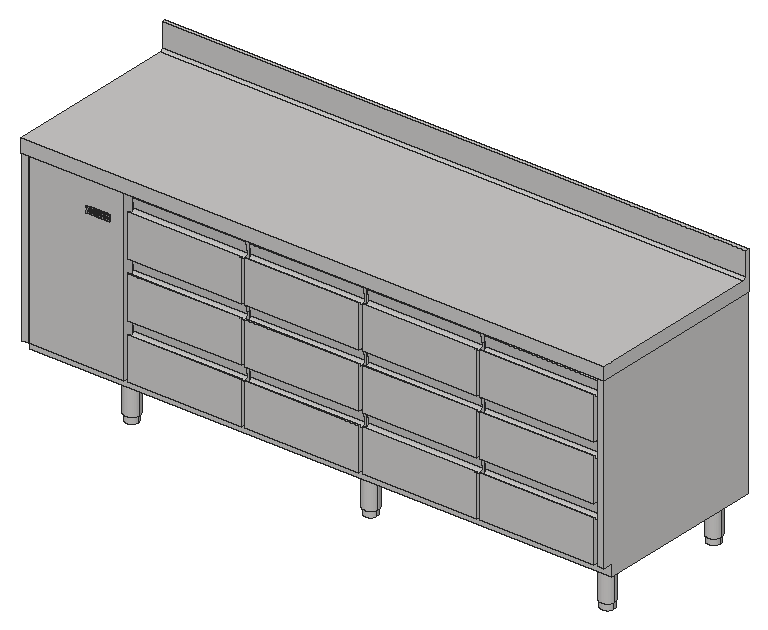
Revit family "QF_ZANUSSI_111066_ZH4H3CCCC", category Specialty Equipment, Revit 2018 (continued)
Definition of nested family "ZAN_Cooling Unit"
  Lines and regions (mm)
    Split face 124
      outline origin (55.016, 2, -233.126) x (0, 0, 1) y (-1, 0, 0)
        loop
          line (510.649, 116.535) -> (510.649, 158.547)
    Split face 125
      outline origin (55.016, 2, -245.129) x (0, 0, 1) y (-1, 0, 0)
        loop
          arc (510.649, 158.547) -> (506.648, 162.548) -> (502.647, 158.547) r 4.001
          line (502.647, 158.547) -> (502.647, 116.535)
          arc (502.647, 116.535) -> (506.648, 112.533) -> (510.649, 116.535) r 4.001
          line (510.649, 116.535) -> (510.649, 158.547)
    Split face 126
      outline origin (55.016, 2, -257.133) x (0, 0, 1) y (-1, 0, 0)
        loop
          arc (510.649, 158.547) -> (506.648, 162.548) -> (502.647, 158.547) r 4.001
          line (502.647, 158.547) -> (502.647, 116.535)
          arc (502.647, 116.535) -> (506.648, 112.533) -> (510.649, 116.535) r 4.001
          line (510.649, 116.535) -> (510.649, 158.547)
    Split face 127
      outline origin (55.016, 2, -269.136) x (0, 0, 1) y (-1, 0, 0)
        loop
          arc (510.649, 158.547) -> (506.648, 162.548) -> (502.647, 158.547) r 4.001
          line (502.647, 158.547) -> (502.647, 116.535)
          arc (502.647, 116.535) -> (506.648, 112.533) -> (510.649, 116.535) r 4.001
          line (510.649, 116.535) -> (510.649, 158.547)
    Split face 128
      outline origin (55.016, 2, -281.14) x (0, 0, 1) y (-1, 0, 0)
        loop
          arc (510.649, 158.547) -> (506.648, 162.548) -> (502.647, 158.547) r 4.001
          line (502.647, 158.547) -> (502.647, 116.535)
          arc (502.647, 116.535) -> (506.648, 112.533) -> (510.649, 116.535) r 4.001
          line (510.649, 116.535) -> (510.649, 158.547)
    Split face 129
      outline origin (55.016, 2, -293.144) x (0, 0, 1) y (-1, 0, 0)
        loop
          arc (510.649, 158.547) -> (506.648, 162.548) -> (502.647, 158.547) r 4.001
          line (502.647, 158.547) -> (502.647, 116.535)
          arc (502.647, 116.535) -> (506.648, 112.533) -> (510.649, 116.535) r 4.001
          line (510.649, 116.535) -> (510.649, 158.547)
    Split face 130
      outline origin (110.032, 2, -113.091) x (0, 0, 1) y (-1, 0, 0)
        loop
          arc (510.649, 158.547) -> (506.648, 162.548) -> (502.647, 158.547) r 4.001
          line (502.647, 158.547) -> (502.647, 116.535)
          arc (502.647, 116.535) -> (506.648, 112.533) -> (510.649, 116.535) r 4.001
          line (510.649, 116.535) -> (510.649, 158.547)
    Split face 131
      outline origin (110.032, 2, -125.094) x (0, 0, 1) y (-1, 0, 0)
        loop
          arc (510.649, 158.547) -> (506.648, 162.548) -> (502.647, 158.547) r 4.001
          line (502.647, 158.547) -> (502.647, 116.535)
          arc (502.647, 116.535) -> (506.648, 112.533) -> (510.649, 116.535) r 4.001
          line (510.649, 116.535) -> (510.649, 158.547)
    Split face 132
      outline origin (110.032, 2, -137.098) x (0, 0, 1) y (-1, 0, 0)
        loop
          arc (510.649, 158.547) -> (506.648, 162.548) -> (502.647, 158.547) r 4.001
          line (502.647, 158.547) -> (502.647, 116.535)
          arc (502.647, 116.535) -> (506.648, 112.533) -> (510.649, 116.535) r 4.001
          line (510.649, 116.535) -> (510.649, 158.547)
    Split face 133
      outline origin (110.032, 2, -149.101) x (0, 0, 1) y (-1, 0, 0)
        loop
          arc (510.649, 158.547) -> (506.648, 162.548) -> (502.647, 158.547) r 4.001
          line (502.647, 158.547) -> (502.647, 116.535)
          arc (502.647, 116.535) -> (506.648, 112.533) -> (510.649, 116.535) r 4.001
          line (510.649, 116.535) -> (510.649, 158.547)
    Split face 134
      outline origin (110.032, 2, -161.105) x (0, 0, 1) y (-1, 0, 0)
        loop
          arc (510.649, 158.547) -> (506.648, 162.548) -> (502.647, 158.547) r 4.001
          line (502.647, 158.547) -> (502.647, 116.535)
          arc (502.647, 116.535) -> (506.648, 112.533) -> (510.649, 116.535) r 4.001
          line (510.649, 116.535) -> (510.649, 158.547)
    Split face 135
      outline origin (110.032, 2, -173.108) x (0, 0, 1) y (-1, 0, 0)
        loop
          arc (510.649, 158.547) -> (506.648, 162.548) -> (502.647, 158.547) r 4.001
          line (502.647, 158.547) -> (502.647, 116.535)
          arc (502.647, 116.535) -> (506.648, 112.533) -> (510.649, 116.535) r 4.001
          line (510.649, 116.535) -> (510.649, 158.547)
    Split face 136
      outline origin (110.032, 2, -185.112) x (0, 0, 1) y (-1, 0, 0)
        loop
          arc (510.649, 158.547) -> (506.648, 162.548) -> (502.647, 158.547) r 4.001
          line (502.647, 158.547) -> (502.647, 116.535)
          arc (502.647, 116.535) -> (506.648, 112.533) -> (510.649, 116.535) r 4.001
          line (510.649, 116.535) -> (510.649, 158.547)
    Split face 137
      outline origin (110.032, 2, -197.115) x (0, 0, 1) y (-1, 0, 0)
        loop
          arc (510.649, 158.547) -> (506.648, 162.548) -> (502.647, 158.547) r 4.001
          line (502.647, 158.547) -> (502.647, 116.535)
          arc (502.647, 116.535) -> (506.648, 112.533) -> (510.649, 116.535) r 4.001
          line (510.649, 116.535) -> (510.649, 158.547)
    Split face 138
      outline origin (110.032, 2, -209.119) x (0, 0, 1) y (-1, 0, 0)
        loop
          arc (510.649, 158.547) -> (506.648, 162.548) -> (502.647, 158.547) r 4.001
          line (502.647, 158.547) -> (502.647, 116.535)
          arc (502.647, 116.535) -> (506.648, 112.533) -> (510.649, 116.535) r 4.001
          line (510.649, 116.535) -> (510.649, 158.547)
    Split face 139
      outline origin (110.032, 2, -221.122) x (0, 0, 1) y (-1, 0, 0)
        loop
          arc (510.649, 158.547) -> (506.648, 162.548) -> (502.647, 158.547) r 4.001
          line (502.647, 158.547) -> (502.647, 116.535)
          arc (502.647, 116.535) -> (506.648, 112.533) -> (510.649, 116.535) r 4.001
          line (510.649, 116.535) -> (510.649, 158.547)
    Split face 140
      outline origin (110.032, 2, -233.126) x (0, 0, 1) y (-1, 0, 0)
        loop
          arc (510.649, 158.547) -> (506.648, 162.548) -> (502.647, 158.547) r 4.001
          line (502.647, 158.547) -> (502.647, 116.535)
          arc (502.647, 116.535) -> (506.648, 112.533) -> (510.649, 116.535) r 4.001
          line (510.649, 116.535) -> (510.649, 158.547)
    Split face 141
      outline origin (110.032, 2, -245.129) x (0, 0, 1) y (-1, 0, 0)
        loop
          arc (510.649, 158.547) -> (506.648, 162.548) -> (502.647, 158.547) r 4.001
          line (502.647, 158.547) -> (502.647, 116.535)
          arc (502.647, 116.535) -> (506.648, 112.533) -> (510.649, 116.535) r 4.001
          line (510.649, 116.535) -> (510.649, 158.547)
    Split face 142
      outline origin (110.032, 2, -257.133) x (0, 0, 1) y (-1, 0, 0)
        loop
          arc (510.649, 158.547) -> (506.648, 162.548) -> (502.647, 158.547) r 4.001
          line (502.647, 158.547) -> (502.647, 116.535)
          arc (502.647, 116.535) -> (506.648, 112.533) -> (510.649, 116.535) r 4.001
          line (510.649, 116.535) -> (510.649, 158.547)
    Split face 143
      outline origin (110.032, 2, -269.136) x (0, 0, 1) y (-1, 0, 0)
        loop
          arc (510.649, 158.547) -> (506.648, 162.548) -> (502.647, 158.547) r 4.001
          line (502.647, 158.547) -> (502.647, 116.535)
          arc (502.647, 116.535) -> (506.648, 112.533) -> (510.649, 116.535) r 4.001
          line (510.649, 116.535) -> (510.649, 158.547)
    Split face 144
      outline origin (110.032, 2, -281.14) x (0, 0, 1) y (-1, 0, 0)
        loop
          arc (510.649, 158.547) -> (506.648, 162.548) -> (502.647, 158.547) r 4.001
          line (502.647, 158.547) -> (502.647, 116.535)
          arc (502.647, 116.535) -> (506.648, 112.533) -> (510.649, 116.535) r 4.001
          line (510.649, 116.535) -> (510.649, 158.547)
    Split face 145
      outline origin (110.032, 2, -293.144) x (0, 0, 1) y (-1, 0, 0)
        loop
          arc (510.649, 158.547) -> (506.648, 162.548) -> (502.647, 158.547) r 4.001
          line (502.647, 158.547) -> (502.647, 116.535)
          arc (502.647, 116.535) -> (506.648, 112.533) -> (510.649, 116.535) r 4.001
          line (510.649, 116.535) -> (510.649, 158.547)
    Split face 146
      outline origin (165.048, 2, -113.091) x (0, 0, 1) y (-1, 0, 0)
        loop
          arc (510.649, 158.547) -> (506.648, 162.548) -> (502.647, 158.547) r 4.001
          line (502.647, 158.547) -> (502.647, 116.535)
          arc (502.647, 116.535) -> (506.648, 112.533) -> (510.649, 116.535) r 4.001
          line (510.649, 116.535) -> (510.649, 158.547)
    Split face 147
      outline origin (165.048, 2, -125.094) x (0, 0, 1) y (-1, 0, 0)
        loop
          arc (510.649, 158.547) -> (506.648, 162.548) -> (502.647, 158.547) r 4.001
          line (502.647, 158.547) -> (502.647, 116.535)
          arc (502.647, 116.535) -> (506.648, 112.533) -> (510.649, 116.535) r 4.001
          line (510.649, 116.535) -> (510.649, 158.547)
    Split face 148
      outline origin (165.048, 2, -137.098) x (0, 0, 1) y (-1, 0, 0)
        loop
          arc (510.649, 158.547) -> (506.648, 162.548) -> (502.647, 158.547) r 4.001
          line (502.647, 158.547) -> (502.647, 116.535)
          arc (502.647, 116.535) -> (506.648, 112.533) -> (510.649, 116.535) r 4.001
          line (510.649, 116.535) -> (510.649, 158.547)
    Split face 149
      outline origin (165.048, 2, -149.101) x (0, 0, 1) y (-1, 0, 0)
        loop
          arc (510.649, 158.547) -> (506.648, 162.548) -> (502.647, 158.547) r 4.001
          line (502.647, 158.547) -> (502.647, 116.535)
          arc (502.647, 116.535) -> (506.648, 112.533) -> (510.649, 116.535) r 4.001
          line (510.649, 116.535) -> (510.649, 158.547)
    Split face 150
      outline origin (165.048, 2, -161.105) x (0, 0, 1) y (-1, 0, 0)
        loop
          arc (510.649, 158.547) -> (506.648, 162.548) -> (502.647, 158.547) r 4.001
          line (502.647, 158.547) -> (502.647, 116.535)
          arc (502.647, 116.535) -> (506.648, 112.533) -> (510.649, 116.535) r 4.001
          line (510.649, 116.535) -> (510.649, 158.547)
    Split face 151
      outline origin (165.048, 2, -173.108) x (0, 0, 1) y (-1, 0, 0)
        loop
          arc (510.649, 158.547) -> (506.648, 162.548) -> (502.647, 158.547) r 4.001
          line (502.647, 158.547) -> (502.647, 116.535)
          arc (502.647, 116.535) -> (506.648, 112.533) -> (510.649, 116.535) r 4.001
          line (510.649, 116.535) -> (510.649, 158.547)
    Split face 152
      outline origin (165.048, 2, -185.112) x (0, 0, 1) y (-1, 0, 0)
        loop
          arc (510.649, 158.547) -> (506.648, 162.548) -> (502.647, 158.547) r 4.001
          line (502.647, 158.547) -> (502.647, 116.535)
          arc (502.647, 116.535) -> (506.648, 112.533) -> (510.649, 116.535) r 4.001
          line (510.649, 116.535) -> (510.649, 158.547)
    Split face 153
      outline origin (165.048, 2, -197.115) x (0, 0, 1) y (-1, 0, 0)
        loop
          arc (510.649, 158.547) -> (506.648, 162.548) -> (502.647, 158.547) r 4.001
          line (502.647, 158.547) -> (502.647, 116.535)
          arc (502.647, 116.535) -> (506.648, 112.533) -> (510.649, 116.535) r 4.001
          line (510.649, 116.535) -> (510.649, 158.547)
    Split face 154
      outline origin (165.048, 2, -209.119) x (0, 0, 1) y (-1, 0, 0)
        loop
          arc (510.649, 158.547) -> (506.648, 162.548) -> (502.647, 158.547) r 4.001
          line (502.647, 158.547) -> (502.647, 116.535)
          arc (502.647, 116.535) -> (506.648, 112.533) -> (510.649, 116.535) r 4.001
          line (510.649, 116.535) -> (510.649, 158.547)
    Split face 155
      outline origin (165.048, 2, -221.122) x (0, 0, 1) y (-1, 0, 0)
        loop
          arc (510.649, 158.547) -> (506.648, 162.548) -> (502.647, 158.547) r 4.001
          line (502.647, 158.547) -> (502.647, 116.535)
          arc (502.647, 116.535) -> (506.648, 112.533) -> (510.649, 116.535) r 4.001
          line (510.649, 116.535) -> (510.649, 158.547)
    Split face 156
      outline origin (165.048, 2, -233.126) x (0, 0, 1) y (-1, 0, 0)
        loop
          arc (510.649, 158.547) -> (506.648, 162.548) -> (502.647, 158.547) r 4.001
          line (502.647, 158.547) -> (502.647, 116.535)
          arc (502.647, 116.535) -> (506.648, 112.533) -> (510.649, 116.535) r 4.001
          line (510.649, 116.535) -> (510.649, 158.547)
    Split face 157
      outline origin (165.048, 2, -245.129) x (0, 0, 1) y (-1, 0, 0)
        loop
          arc (510.649, 158.547) -> (506.648, 162.548) -> (502.647, 158.547) r 4.001
          line (502.647, 158.547) -> (502.647, 116.535)
          arc (502.647, 116.535) -> (506.648, 112.533) -> (510.649, 116.535) r 4.001
          line (510.649, 116.535) -> (510.649, 158.547)
    Split face 158
      outline origin (165.048, 2, -257.133) x (0, 0, 1) y (-1, 0, 0)
        loop
          arc (510.649, 158.547) -> (506.648, 162.548) -> (502.647, 158.547) r 4.001
          line (502.647, 158.547) -> (502.647, 116.535)
          arc (502.647, 116.535) -> (506.648, 112.533) -> (510.649, 116.535) r 4.001
          line (510.649, 116.535) -> (510.649, 158.547)
    Split face 159
      outline origin (165.048, 2, -269.136) x (0, 0, 1) y (-1, 0, 0)
        loop
          arc (510.649, 158.547) -> (506.648, 162.548) -> (502.647, 158.547) r 4.001
          line (502.647, 158.547) -> (502.647, 116.535)
          arc (502.647, 116.535) -> (506.648, 112.533) -> (510.649, 116.535) r 4.001
          line (510.649, 116.535) -> (510.649, 158.547)
    Split face 160
      outline origin (165.048, 2, -281.14) x (0, 0, 1) y (-1, 0, 0)
        loop
          arc (510.649, 158.547) -> (506.648, 162.548) -> (502.647, 158.547) r 4.001
          line (502.647, 158.547) -> (502.647, 116.535)
          arc (502.647, 116.535) -> (506.648, 112.533) -> (510.649, 116.535) r 4.001
          line (510.649, 116.535) -> (510.649, 158.547)
    Split face 161
      outline origin (165.048, 2, -293.144) x (0, 0, 1) y (-1, 0, 0)
        loop
          arc (510.649, 158.547) -> (506.648, 162.548) -> (502.647, 158.547) r 4.001
          line (502.647, 158.547) -> (502.647, 116.535)
          arc (502.647, 116.535) -> (506.648, 112.533) -> (510.649, 116.535) r 4.001
          line (510.649, 116.535) -> (510.649, 158.547)
    Split face 162
      outline origin (220.064, 2, -113.091) x (0, 0, 1) y (-1, 0, 0)
        loop
          arc (510.649, 158.547) -> (506.648, 162.548) -> (502.647, 158.547) r 4.001
          line (502.647, 158.547) -> (502.647, 116.535)
          arc (502.647, 116.535) -> (506.648, 112.533) -> (510.649, 116.535) r 4.001
          line (510.649, 116.535) -> (510.649, 158.547)
    Split face 163
      outline origin (220.064, 2, -125.094) x (0, 0, 1) y (-1, 0, 0)
        loop
          arc (510.649, 158.547) -> (506.648, 162.548) -> (502.647, 158.547) r 4.001
          line (502.647, 158.547) -> (502.647, 116.535)
          arc (502.647, 116.535) -> (506.648, 112.533) -> (510.649, 116.535) r 4.001
          line (510.649, 116.535) -> (510.649, 158.547)
    Split face 164
      outline origin (220.064, 2, -137.098) x (0, 0, 1) y (-1, 0, 0)
        loop
          arc (510.649, 158.547) -> (506.648, 162.548) -> (502.647, 158.547) r 4.001
          line (502.647, 158.547) -> (502.647, 116.535)
          arc (502.647, 116.535) -> (506.648, 112.533) -> (510.649, 116.535) r 4.001
          line (510.649, 116.535) -> (510.649, 158.547)
    Split face 165
      outline origin (220.064, 2, -149.101) x (0, 0, 1) y (-1, 0, 0)
        loop
          arc (510.649, 158.547) -> (506.648, 162.548) -> (502.647, 158.547) r 4.001
          line (502.647, 158.547) -> (502.647, 116.535)
          arc (502.647, 116.535) -> (506.648, 112.533) -> (510.649, 116.535) r 4.001
          line (510.649, 116.535) -> (510.649, 158.547)
    Split face 166
      outline origin (220.064, 2, -161.105) x (0, 0, 1) y (-1, 0, 0)
        loop
          arc (510.649, 158.547) -> (506.648, 162.548) -> (502.647, 158.547) r 4.001
          line (502.647, 158.547) -> (502.647, 116.535)
          arc (502.647, 116.535) -> (506.648, 112.533) -> (510.649, 116.535) r 4.001
          line (510.649, 116.535) -> (510.649, 158.547)
    Split face 167
      outline origin (220.064, 2, -173.108) x (0, 0, 1) y (-1, 0, 0)
        loop
          arc (510.649, 158.547) -> (506.648, 162.548) -> (502.647, 158.547) r 4.001
          line (502.647, 158.547) -> (502.647, 116.535)
          arc (502.647, 116.535) -> (506.648, 112.533) -> (510.649, 116.535) r 4.001
          line (510.649, 116.535) -> (510.649, 158.547)
    Split face 168
      outline origin (220.064, 2, -185.112) x (0, 0, 1) y (-1, 0, 0)
        loop
          arc (510.649, 158.547) -> (506.648, 162.548) -> (502.647, 158.547) r 4.001
          line (502.647, 158.547) -> (502.647, 116.535)
          arc (502.647, 116.535) -> (506.648, 112.533) -> (510.649, 116.535) r 4.001
          line (510.649, 116.535) -> (510.649, 158.547)
    Split face 169
      outline origin (220.064, 2, -197.115) x (0, 0, 1) y (-1, 0, 0)
        loop
          arc (510.649, 158.547) -> (506.648, 162.548) -> (502.647, 158.547) r 4.001
          line (502.647, 158.547) -> (502.647, 116.535)
          arc (502.647, 116.535) -> (506.648, 112.533) -> (510.649, 116.535) r 4.001
          line (510.649, 116.535) -> (510.649, 158.547)
    Split face 170
      outline origin (220.064, 2, -209.119) x (0, 0, 1) y (-1, 0, 0)
        loop
          arc (510.649, 158.547) -> (506.648, 162.548) -> (502.647, 158.547) r 4.001
          line (502.647, 158.547) -> (502.647, 116.535)
          arc (502.647, 116.535) -> (506.648, 112.533) -> (510.649, 116.535) r 4.001
          line (510.649, 116.535) -> (510.649, 158.547)
    Split face 171
      outline origin (220.064, 2, -221.122) x (0, 0, 1) y (-1, 0, 0)
        loop
          arc (510.649, 158.547) -> (506.648, 162.548) -> (502.647, 158.547) r 4.001
          line (502.647, 158.547) -> (502.647, 116.535)
          arc (502.647, 116.535) -> (506.648, 112.533) -> (510.649, 116.535) r 4.001
          line (510.649, 116.535) -> (510.649, 158.547)
    Split face 172
      outline origin (220.064, 2, -233.126) x (0, 0, 1) y (-1, 0, 0)
        loop
          arc (510.649, 158.547) -> (506.648, 162.548) -> (502.647, 158.547) r 4.001
          line (502.647, 158.547) -> (502.647, 116.535)
          arc (502.647, 116.535) -> (506.648, 112.533) -> (510.649, 116.535) r 4.001
          line (510.649, 116.535) -> (510.649, 158.547)
    Split face 173
      outline origin (220.064, 2, -245.129) x (0, 0, 1) y (-1, 0, 0)
        loop
          arc (510.649, 158.547) -> (506.648, 162.548) -> (502.647, 158.547) r 4.001
          line (502.647, 158.547) -> (502.647, 116.535)
          arc (502.647, 116.535) -> (506.648, 112.533) -> (510.649, 116.535) r 4.001
          line (510.649, 116.535) -> (510.649, 158.547)
    Split face 174
      outline origin (220.064, 2, -257.133) x (0, 0, 1) y (-1, 0, 0)
        loop
          arc (510.649, 158.547) -> (506.648, 162.548) -> (502.647, 158.547) r 4.001
          line (502.647, 158.547) -> (502.647, 116.535)
          arc (502.647, 116.535) -> (506.648, 112.533) -> (510.649, 116.535) r 4.001
          line (510.649, 116.535) -> (510.649, 158.547)
    Split face 175
      outline origin (220.064, 2, -269.136) x (0, 0, 1) y (-1, 0, 0)
        loop
          arc (510.649, 158.547) -> (506.648, 162.548) -> (502.647, 158.547) r 4.001
          line (502.647, 158.547) -> (502.647, 116.535)
          arc (502.647, 116.535) -> (506.648, 112.533) -> (510.649, 116.535) r 4.001
          line (510.649, 116.535) -> (510.649, 158.547)
    Split face 176
      outline origin (220.064, 2, -281.14) x (0, 0, 1) y (-1, 0, 0)
        loop
          arc (510.649, 158.547) -> (506.648, 162.548) -> (502.647, 158.547) r 4.001
          line (502.647, 158.547) -> (502.647, 116.535)
          arc (502.647, 116.535) -> (506.648, 112.533) -> (510.649, 116.535) r 4.001
          line (510.649, 116.535) -> (510.649, 158.547)
    Split face 177
      outline origin (220.064, 2, -293.144) x (0, 0, 1) y (-1, 0, 0)
        loop
          arc (510.649, 158.547) -> (506.648, 162.548) -> (502.647, 158.547) r 4.001
          line (502.647, 158.547) -> (502.647, 116.535)
          arc (502.647, 116.535) -> (506.648, 112.533) -> (510.649, 116.535) r 4.001
          line (510.649, 116.535) -> (510.649, 158.547)
    Split face 178
      outline origin (275.081, 2, -113.091) x (0, 0, 1) y (-1, 0, 0)
        loop
          arc (510.649, 158.547) -> (506.648, 162.548) -> (502.647, 158.547) r 4.001
          line (502.647, 158.547) -> (502.647, 116.535)
          arc (502.647, 116.535) -> (506.648, 112.533) -> (510.649, 116.535) r 4.001
          line (510.649, 116.535) -> (510.649, 158.547)
    Split face 179
      outline origin (275.081, 2, -125.094) x (0, 0, 1) y (-1, 0, 0)
        loop
          arc (510.649, 158.547) -> (506.648, 162.548) -> (502.647, 158.547) r 4.001
          line (502.647, 158.547) -> (502.647, 116.535)
          arc (502.647, 116.535) -> (506.648, 112.533) -> (510.649, 116.535) r 4.001
          line (510.649, 116.535) -> (510.649, 158.547)
    Split face 180
      outline origin (275.081, 2, -137.098) x (0, 0, 1) y (-1, 0, 0)
        loop
          arc (510.649, 158.547) -> (506.648, 162.548) -> (502.647, 158.547) r 4.001
          line (502.647, 158.547) -> (502.647, 116.535)
          arc (502.647, 116.535) -> (506.648, 112.533) -> (510.649, 116.535) r 4.001
          line (510.649, 116.535) -> (510.649, 158.547)
    Split face 181
      outline origin (275.081, 2, -149.101) x (0, 0, 1) y (-1, 0, 0)
        loop
          arc (510.649, 158.547) -> (506.648, 162.548) -> (502.647, 158.547) r 4.001
          line (502.647, 158.547) -> (502.647, 116.535)
          arc (502.647, 116.535) -> (506.648, 112.533) -> (510.649, 116.535) r 4.001
          line (510.649, 116.535) -> (510.649, 158.547)
    Split face 182
      outline origin (275.081, 2, -161.105) x (0, 0, 1) y (-1, 0, 0)
        loop
          arc (510.649, 158.547) -> (506.648, 162.548) -> (502.647, 158.547) r 4.001
          line (502.647, 158.547) -> (502.647, 116.535)
          arc (502.647, 116.535) -> (506.648, 112.533) -> (510.649, 116.535) r 4.001
          line (510.649, 116.535) -> (510.649, 158.547)
    Split face 183
      outline origin (275.081, 2, -173.108) x (0, 0, 1) y (-1, 0, 0)
        loop
          arc (510.649, 158.547) -> (506.648, 162.548) -> (502.647, 158.547) r 4.001
          line (502.647, 158.547) -> (502.647, 116.535)
          arc (502.647, 116.535) -> (506.648, 112.533) -> (510.649, 116.535) r 4.001
          line (510.649, 116.535) -> (510.649, 158.547)
    Split face 184
      outline origin (275.081, 2, -185.112) x (0, 0, 1) y (-1, 0, 0)
        loop
          arc (510.649, 158.547) -> (506.648, 162.548) -> (502.647, 158.547) r 4.001
          line (502.647, 158.547) -> (502.647, 116.535)
          arc (502.647, 116.535) -> (506.648, 112.533) -> (510.649, 116.535) r 4.001
          line (510.649, 116.535) -> (510.649, 158.547)
    Split face 185
      outline origin (275.081, 2, -197.115) x (0, 0, 1) y (-1, 0, 0)
        loop
          arc (510.649, 158.547) -> (506.648, 162.548) -> (502.647, 158.547) r 4.001
          line (502.647, 158.547) -> (502.647, 116.535)
          arc (502.647, 116.535) -> (506.648, 112.533) -> (510.649, 116.535) r 4.001
          line (510.649, 116.535) -> (510.649, 158.547)
    Split face 186
      outline origin (275.081, 2, -209.119) x (0, 0, 1) y (-1, 0, 0)
        loop
          arc (510.649, 158.547) -> (506.648, 162.548) -> (502.647, 158.547) r 4.001
          line (502.647, 158.547) -> (502.647, 116.535)
          arc (502.647, 116.535) -> (506.648, 112.533) -> (510.649, 116.535) r 4.001
          line (510.649, 116.535) -> (510.649, 158.547)
    Split face 187
      outline origin (275.081, 2, -221.122) x (0, 0, 1) y (-1, 0, 0)
        loop
          arc (510.649, 158.547) -> (506.648, 162.548) -> (502.647, 158.547) r 4.001
          line (502.647, 158.547) -> (502.647, 116.535)
          arc (502.647, 116.535) -> (506.648, 112.533) -> (510.649, 116.535) r 4.001
          line (510.649, 116.535) -> (510.649, 158.547)
    Split face 188
      outline origin (275.081, 2, -233.126) x (0, 0, 1) y (-1, 0, 0)
        loop
          arc (510.649, 158.547) -> (506.648, 162.548) -> (502.647, 158.547) r 4.001
          line (502.647, 158.547) -> (502.647, 116.535)
          arc (502.647, 116.535) -> (506.648, 112.533) -> (510.649, 116.535) r 4.001
          line (510.649, 116.535) -> (510.649, 158.547)
    Split face 189
      outline origin (275.081, 2, -245.129) x (0, 0, 1) y (-1, 0, 0)
        loop
          arc (510.649, 158.547) -> (506.648, 162.548) -> (502.647, 158.547) r 4.001
          line (502.647, 158.547) -> (502.647, 116.535)
          arc (502.647, 116.535) -> (506.648, 112.533) -> (510.649, 116.535) r 4.001
          line (510.649, 116.535) -> (510.649, 158.547)
    Split face 190
      outline origin (275.081, 2, -257.133) x (0, 0, 1) y (-1, 0, 0)
        loop
          arc (510.649, 158.547) -> (506.648, 162.548) -> (502.647, 158.547) r 4.001
          line (502.647, 158.547) -> (502.647, 116.535)
          arc (502.647, 116.535) -> (506.648, 112.533) -> (510.649, 116.535) r 4.001
          line (510.649, 116.535) -> (510.649, 158.547)
    Split face 191
      outline origin (275.081, 2, -269.136) x (0, 0, 1) y (-1, 0, 0)
        loop
          arc (510.649, 158.547) -> (506.648, 162.548) -> (502.647, 158.547) r 4.001
          line (502.647, 158.547) -> (502.647, 116.535)
          arc (502.647, 116.535) -> (506.648, 112.533) -> (510.649, 116.535) r 4.001
          line (510.649, 116.535) -> (510.649, 158.547)
    Split face 192
      outline origin (275.081, 2, -281.14) x (0, 0, 1) y (-1, 0, 0)
        loop
          arc (510.649, 158.547) -> (506.648, 162.548) -> (502.647, 158.547) r 4.001
          line (502.647, 158.547) -> (502.647, 116.535)
          arc (502.647, 116.535) -> (506.648, 112.533) -> (510.649, 116.535) r 4.001
          line (510.649, 116.535) -> (510.649, 158.547)
    Split face 193
      outline origin (275.081, 2, -293.144) x (0, 0, 1) y (-1, 0, 0)
        loop
          arc (510.649, 158.547) -> (506.648, 162.548) -> (502.647, 158.547) r 4.001
          line (502.647, 158.547) -> (502.647, 116.535)
          arc (502.647, 116.535) -> (506.648, 112.533) -> (510.649, 116.535) r 4.001
          line (510.649, 116.535) -> (510.649, 158.547)
    Split face 194
      outline origin (0, 2, 197) x (0, 0, 1) y (-1, 0, 0)
        loop
          spline (566.835, 20.381) -> (564.628, 19.058) -> (561.987, 18.027) -> (558.955, 17.386) -> (555.581, 17.244) -> (551.912, 17.703) -> (547.993, 18.863) -> (543.871, 20.83) -> (539.591, 23.706) -> (535.202, 27.594) -> (530.748, 32.597) -> (526.28, 38.824) -> (521.835, 46.362)
        loop
          spline (521.835, 58.392) -> (525.386, 49.242) -> (529.197, 41.481) -> (533.2, 35.023) -> (537.329, 29.786) -> (541.516, 25.684) -> (545.695, 22.634) -> (549.798, 20.552) -> (553.759, 19.355) -> (557.511, 18.958) -> (560.984, 19.275) -> (564.115, 20.227) -> (566.835, 21.726)
    Split face 195
      outline origin (0, 2, 197) x (0, 0, 1) y (-1, 0, 0)
        loop
          line (555.835, 149.5) -> (532.835, 149.5) -> (532.835, 94.5) -> (555.835, 94.5) -> (555.835, 149.5)
  Dimensions and locks
    aligned and locked: level to plane 2
  Nested families
    nested 1: "ZAN_Logo_S_Grey" at (85, 2, 741.213) x (1, 0, 0) z (0, -1, 0), visible <- "Show Logo", type "ZAN_Logo_S_Grey"
  Definition of nested family "ZAN_Logo_S_Grey"
    Parameters
      Default Elevation = 0 mm
    Reference planes
      plane 1 "Centro (Fronte/Retro)": y = 0
      plane 2: z = 0
      plane 3 "Centro (Sinistra/Destra)": x = 0
    Forms (mm)
      Extrusion 1, solid
        sketch origin (0, 0, 0) x (1, 0, 0) y (0, 1, 0)
          loop
            line (-1219.2, 1219.2) -> (-1219.2, -1219.2) -> (1219.2, -1219.2) -> (1219.2, 1219.2) -> (-1219.2, 1219.2)
        from 0 to -304.8
      Extrusion 2, solid
        sketch origin (17.793, -46.218, 0) x (-1, 0, 0) y (0, -1, 0)
          loop
            spline (-4.176, -58.079) -> (-3.496, -58.328) -> (-2.793, -58.512) -> (-2.075, -58.63) -> (-1.348, -58.682) -> (-0.619, -58.669) -> (0.106, -58.588) -> (0.818, -58.44) -> (1.512, -58.225) -> (2.18, -57.941) -> (2.817, -57.589) -> (3.414, -57.167) -> (3.966, -56.676)
            spline (3.966, -56.676) -> (4.293, -56.162) -> (4.575, -55.61) -> (4.81, -55.026) -> (5, -54.419) -> (5.146, -53.797) -> (5.247, -53.166) -> (5.304, -52.536) -> (5.318, -51.913) -> (5.288, -51.306) -> (5.217, -50.723) -> (5.103, -50.17) -> (4.949, -49.657)
            line (4.949, -49.657) -> (2.702, -46.428) -> (0.316, -44.323)
            spline (0.316, -44.323) -> (0.065, -44.115) -> (-0.195, -43.909) -> (-0.46, -43.704) -> (-0.729, -43.496) -> (-0.997, -43.282) -> (-1.263, -43.059) -> (-1.523, -42.825) -> (-1.774, -42.576) -> (-2.013, -42.309) -> (-2.238, -42.022) -> (-2.445, -41.712) -> (-2.632, -41.375)
            spline (-2.632, -41.375) -> (-2.666, -41.159) -> (-2.697, -40.934) -> (-2.722, -40.701) -> (-2.736, -40.465) -> (-2.736, -40.227) -> (-2.72, -39.989) -> (-2.682, -39.754) -> (-2.621, -39.524) -> (-2.533, -39.302) -> (-2.414, -39.091) -> (-2.261, -38.892) -> (-2.07, -38.708)
            line (-2.07, -38.708) -> (-0.245, -38.567)
            spline (-0.245, -38.567) -> (0.096, -38.8) -> (0.354, -39.074) -> (0.54, -39.381) -> (0.664, -39.716) -> (0.738, -40.073) -> (0.772, -40.445) -> (0.777, -40.825) -> (0.763, -41.208) -> (0.742, -41.588) -> (0.723, -41.957) -> (0.718, -42.309) -> (0.737, -42.638)
            line (0.737, -42.638) -> (5.65, -42.638)
            spline (5.65, -42.638) -> (5.708, -42.042) -> (5.741, -41.448) -> (5.747, -40.857) -> (5.723, -40.273) -> (5.668, -39.696) -> (5.58, -39.129) -> (5.457, -38.574) -> (5.297, -38.032) -> (5.098, -37.506) -> (4.857, -36.997) -> (4.574, -36.508) -> (4.247, -36.041)
            spline (4.247, -36.041) -> (3.844, -35.675) -> (3.409, -35.35) -> (2.946, -35.065) -> (2.458, -34.819) -> (1.949, -34.612) -> (1.421, -34.444) -> (0.88, -34.314) -> (0.326, -34.221) -> (-0.234, -34.165) -> (-0.8, -34.146) -> (-1.366, -34.163) -> (-1.93, -34.216)
            spline (-1.93, -34.216) -> (-2.526, -34.309) -> (-3.116, -34.448) -> (-3.695, -34.633) -> (-4.259, -34.861) -> (-4.801, -35.131) -> (-5.316, -35.444) -> (-5.799, -35.798) -> (-6.245, -36.191) -> (-6.648, -36.624) -> (-7.002, -37.095) -> (-7.303, -37.603) -> (-7.545, -38.146)
            spline (-7.545, -38.146) -> (-7.694, -38.815) -> (-7.792, -39.487) -> (-7.839, -40.158) -> (-7.836, -40.824) -> (-7.785, -41.482) -> (-7.685, -42.129) -> (-7.539, -42.762) -> (-7.347, -43.377) -> (-7.111, -43.97) -> (-6.83, -44.538) -> (-6.506, -45.078) -> (-6.141, -45.586)
            line (-6.141, -45.586) -> (-0.526, -50.64) -> (0.176, -51.482)
            spline (0.176, -51.482) -> (0.248, -51.66) -> (0.323, -51.843) -> (0.397, -52.03) -> (0.467, -52.22) -> (0.529, -52.412) -> (0.579, -52.605) -> (0.615, -52.798) -> (0.633, -52.989) -> (0.63, -53.179) -> (0.601, -53.366) -> (0.545, -53.55) -> (0.456, -53.728)
            spline (0.456, -53.728) -> (0.375, -53.892) -> (0.273, -54.034) -> (0.154, -54.155) -> (0.02, -54.258) -> (-0.126, -54.343) -> (-0.28, -54.412) -> (-0.441, -54.466) -> (-0.604, -54.508) -> (-0.767, -54.537) -> (-0.928, -54.556) -> (-1.082, -54.567) -> (-1.228, -54.57)
            line (-1.228, -54.57) -> (-2.632, -53.587) -> (-2.772, -50.64) -> (-7.405, -50.64)
            spline (-7.405, -50.64) -> (-7.41, -51.031) -> (-7.423, -51.432) -> (-7.44, -51.839) -> (-7.456, -52.251) -> (-7.469, -52.665) -> (-7.475, -53.079) -> (-7.468, -53.489) -> (-7.446, -53.894) -> (-7.404, -54.291) -> (-7.339, -54.679) -> (-7.247, -55.053) -> (-7.123, -55.412)
            spline (-7.123, -55.412) -> (-6.999, -55.693) -> (-6.837, -55.97) -> (-6.643, -56.244) -> (-6.422, -56.509) -> (-6.177, -56.765) -> (-5.913, -57.009) -> (-5.634, -57.238) -> (-5.346, -57.45) -> (-5.051, -57.643) -> (-4.755, -57.814) -> (-4.462, -57.96) -> (-4.176, -58.079)
          loop
            spline (-21.021, -55.552) -> (-20.633, -56.181) -> (-20.177, -56.736) -> (-19.661, -57.217) -> (-19.092, -57.627) -> (-18.478, -57.966) -> (-17.827, -58.237) -> (-17.147, -58.441) -> (-16.446, -58.578) -> (-15.73, -58.652) -> (-15.009, -58.662) -> (-14.29, -58.611) -> (-13.581, -58.5)
            spline (-13.581, -58.5) -> (-13.088, -58.407) -> (-12.595, -58.269) -> (-12.109, -58.088) -> (-11.636, -57.866) -> (-11.183, -57.605) -> (-10.756, -57.307) -> (-10.361, -56.974) -> (-10.004, -56.608) -> (-9.692, -56.211) -> (-9.431, -55.784) -> (-9.228, -55.33) -> (-9.089, -54.851)
            spline (-9.089, -54.851) -> (-8.873, -54.211) -> (-8.715, -53.559) -> (-8.615, -52.901) -> (-8.574, -52.241) -> (-8.592, -51.585) -> (-8.668, -50.938) -> (-8.802, -50.306) -> (-8.995, -49.693) -> (-9.247, -49.106) -> (-9.557, -48.55) -> (-9.925, -48.03) -> (-10.352, -47.551)
            line (-10.352, -47.551) -> (-15.546, -42.919) -> (-16.669, -41.234)
            spline (-16.669, -41.234) -> (-16.704, -41.021) -> (-16.735, -40.804) -> (-16.761, -40.583) -> (-16.778, -40.361) -> (-16.784, -40.139) -> (-16.774, -39.919) -> (-16.748, -39.701) -> (-16.7, -39.488) -> (-16.63, -39.28) -> (-16.533, -39.08) -> (-16.406, -38.889) -> (-16.248, -38.708)
            line (-16.248, -38.708) -> (-14.844, -38.427)
            spline (-14.844, -38.427) -> (-14.347, -38.545) -> (-13.969, -38.749) -> (-13.695, -39.028) -> (-13.508, -39.368) -> (-13.393, -39.757) -> (-13.335, -40.182) -> (-13.318, -40.63) -> (-13.326, -41.089) -> (-13.344, -41.546) -> (-13.356, -41.988) -> (-13.347, -42.403) -> (-13.3, -42.779)
            line (-13.3, -42.779) -> (-8.387, -42.638)
            spline (-8.387, -42.638) -> (-8.326, -42.034) -> (-8.288, -41.417) -> (-8.277, -40.794) -> (-8.299, -40.169) -> (-8.357, -39.548) -> (-8.457, -38.936) -> (-8.604, -38.339) -> (-8.803, -37.762) -> (-9.058, -37.21) -> (-9.375, -36.689) -> (-9.758, -36.204) -> (-10.212, -35.76)
            spline (-10.212, -35.76) -> (-10.793, -35.336) -> (-11.409, -34.976) -> (-12.054, -34.679) -> (-12.723, -34.445) -> (-13.409, -34.273) -> (-14.107, -34.163) -> (-14.811, -34.115) -> (-15.515, -34.127) -> (-16.213, -34.2) -> (-16.899, -34.333) -> (-17.568, -34.526) -> (-18.213, -34.777)
            spline (-18.213, -34.777) -> (-18.496, -34.897) -> (-18.783, -35.044) -> (-19.071, -35.216) -> (-19.357, -35.412) -> (-19.639, -35.629) -> (-19.915, -35.865) -> (-20.182, -36.119) -> (-20.438, -36.389) -> (-20.681, -36.672) -> (-20.907, -36.967) -> (-21.115, -37.272) -> (-21.301, -37.585)
            spline (-21.301, -37.585) -> (-21.55, -38.26) -> (-21.734, -38.948) -> (-21.854, -39.647) -> (-21.91, -40.351) -> (-21.901, -41.057) -> (-21.828, -41.761) -> (-21.69, -42.459) -> (-21.489, -43.148) -> (-21.222, -43.823) -> (-20.892, -44.48) -> (-20.497, -45.116) -> (-20.038, -45.726)
            line (-20.038, -45.726) -> (-14.142, -51.061) -> (-13.44, -52.886) -> (-14.002, -54.289) -> (-15.265, -54.57) -> (-16.669, -53.587) -> (-16.81, -50.78) -> (-21.582, -50.64)
            spline (-21.582, -50.64) -> (-21.558, -51.063) -> (-21.55, -51.491) -> (-21.554, -51.92) -> (-21.561, -52.35) -> (-21.567, -52.778) -> (-21.565, -53.201) -> (-21.547, -53.619) -> (-21.509, -54.029) -> (-21.444, -54.43) -> (-21.345, -54.818) -> (-21.206, -55.193) -> (-21.021, -55.552)
          loop
            line (-22.424, -34.216) -> (-27.337, -34.216) -> (-27.337, -58.22) -> (-22.424, -58.22) -> (-22.424, -34.216)
          loop
            line (14.213, -39.971) -> (14.213, -58.22) -> (19.126, -58.22) -> (19.126, -42.077) -> (18.845, -38.146) -> (18.424, -37.164) -> (17.442, -35.9) -> (16.459, -35.199) -> (14.494, -34.356) -> (13.511, -34.216) -> (11.265, -34.216) -> (10.142, -34.497) -> (8.458, -35.479) -> (6.493, -38.287) -> (6.352, -39.269) -> (6.352, -58.22) -> (11.265, -58.22) -> (11.265, -40.392) -> (11.827, -39.129) -> (13.371, -38.988) -> (14.213, -39.971)
          loop
            line (20.249, -58.22) -> (24.741, -58.22) -> (24.741, -42.919) -> (28.812, -58.22) -> (34.006, -58.22) -> (34.006, -34.216) -> (29.654, -34.216) -> (29.654, -50.078) -> (25.583, -34.216) -> (20.249, -34.216) -> (20.249, -58.22)
          loop
            line (50.149, -58.22) -> (62.361, -58.22) -> (62.361, -53.728) -> (55.904, -53.868) -> (62.923, -39.129) -> (62.923, -34.216) -> (50.149, -34.216) -> (50.149, -39.129) -> (57.517, -39.129) -> (50.149, -54.149) -> (50.149, -58.22)
          loop
            line (38.778, -58.22) -> (45.516, -58.22) -> (49.868, -34.216) -> (44.814, -34.216) -> (44.113, -38.848) -> (40.042, -38.848) -> (39.34, -34.216) -> (34.286, -34.216) -> (38.778, -58.22)
          loop
            line (43.551, -43.2) -> (40.744, -43.2) -> (42.147, -54.117) -> (43.551, -43.2)
        from 0 to 1.644
    Dimensions and locks
      aligned and locked: plane 2 to Extrusion 1
      aligned and locked: level to Extrusion 1
Definition of nested family "Refrigerator"
  Reference planes
    plane 1 "Center (Front/Back)": y = 0
    plane 2: z = 0
    plane 3 "Center (Left/Right)": x = 0
  Lines and regions (mm)
    detail lines, in view "Ref. Level"
      curve 1: spline (-500, 190, 0) -> (-493.185, 166.706, 0) -> (-473.205, 145, 0) -> (-441.421, 126.36, 0) -> (-400, 112.058, 0) -> (-351.764, 103.067, 0) -> (-300, 100, 0) -> (-248.236, 103.067, 0) -> (-200, 112.058, 0) -> (-158.579, 126.36, 0) -> (-126.795, 145, 0) -> (-106.815, 166.706, 0) -> (-100, 190, 0) -> (-106.815, 213.294, 0) -> (-126.795, 235, 0) -> (-158.579, 253.64, 0) -> (-200, 267.942, 0) -> (-248.236, 276.933, 0) -> (-300, 280, 0) -> (-351.764, 276.933, 0) -> (-400, 267.942, 0) -> (-441.421, 253.64, 0) -> (-473.205, 235, 0) -> (-493.185, 213.294, 0) -> (-500, 190, 0)
      curve 2: line (-300, 130, 0) -> (-300, 250, 0)
      curve 3: line (-351.962, 220, 0) -> (-248.038, 160, 0)
      curve 4: line (-351.962, 160, 0) -> (-248.038, 220, 0)
      curve 5: line (-280.884, 246.873, 0) -> (-300, 225, 0)
      curve 6: line (-300, 225, 0) -> (-319.116, 246.873, 0)
      curve 7: line (-330.311, 207.5, 0) -> (-339.696, 234.992, 0)
      curve 8: line (-358.812, 201.882, 0) -> (-330.311, 207.5, 0)
      curve 9: line (-330.311, 172.5, 0) -> (-358.812, 178.118, 0)
      curve 10: line (-339.696, 145.008, 0) -> (-330.311, 172.5, 0)
      curve 11: line (-300, 155, 0) -> (-319.116, 133.127, 0)
      curve 12: line (-280.884, 133.127, 0) -> (-300, 155, 0)
      curve 13: line (-269.689, 172.5, 0) -> (-260.304, 145.008, 0)
      curve 14: line (-241.188, 178.118, 0) -> (-269.689, 172.5, 0)
      curve 15: line (-269.689, 207.5, 0) -> (-241.188, 201.882, 0)
      curve 16: line (-260.304, 234.992, 0) -> (-269.689, 207.5, 0)
